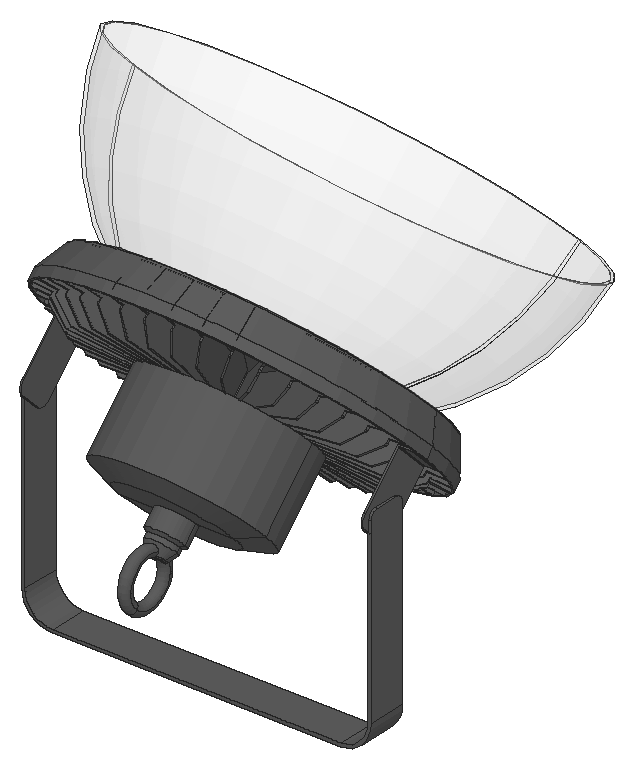
Revit family "0039346+0039355+0039361 Feilo Sylvania Lighting Fixture START HIGHBAY 4K 26KLM MEDIUM with BRACKET and PC LAMPSHADE TRANSPARENT", category Lighting Fixtures, host Face, Revit 2017
Family settings
  Host = Face
  Round Connector Dimension = Use Diameter
  Part Type = Normal
  OmniClass Number = 23.80.70.00
  OmniClass Title = Lighting
  Cut with Voids When Loaded = No
  Light Source = No
  Shared = No
  Room Calculation Point = No
Parameters (values of type "0039346+0039355+0039361 START HIGHBAY 4K 26KLM MEDIUM with BRACKET and PC LAMPSHADE TRANSPARENT ")
  Weight = "3.7 kg"
  Wattage Comments = ""
  WarrantyStartDate [instance] = "n/a"
  WarrantyGuarantorParts = "n/a"
  WarrantyDurationUnit = "n/a"
  WarrantyDurationParts = "n/a"
  WarrantyDescription = "n/a"
  Voltage = 230 V
  URL = "http://www.sylvania-lighting.com"
  TypeName = "START HIGHBAY 4K 26KLM MEDIUM with BRACKET and PC LAMPSHADE TRANSPARENT"
  TypeHead_FEILO = Start LED Highbay Head : 0039346+0039355+0039361 START HIGHBAY 4K 26KLM MEDIUM with BRACKET and PC LAMPSHADE TRANSPARENT 
  Type Image = <None>
  Type Comments = "n/a"
  TiltAngle_FEILO [instance] = 45.00°
  ThicknessBracketPlate_FEILO = 3 mm
  SizeBracketS_FEILO = no
  SizeBracketM_FEILO = no
  SerialNumber [instance] = "n/a"
  RadiusBracketTop_FEILO = 7 mm
  RadiusBendOut_FEILO = if(SizeBracketS_FEILO, 18 mm, if(SizeBracketM_FEILO, 24 mm, 28 mm))  # 28 mm
  RadiusBendIn_FEILO = RadiusBendOut_FEILO - ThicknessBracketPlate_FEILO  # 25 mm
  Material_3_FEILO = none
  PowerFactor = 0.95
  PowerConsumption = "200 W"
  NominalLength = 339 mm
  NominalHeight = 194 mm
  NominalDepth = 339 mm
  Name = "START HIGHBAY 4K 26KLM MEDIUM with BRACKET and PC LAMPSHADE TRANSPARENT"
  ModelReference = Name  # "START HIGHBAY 4K 26KLM MEDIUM with BRACKET and PC LAMPSHADE TRANSPARENT"
  ModelNumber = "0039346+0039355+0039361"
  Model = Name  # "START HIGHBAY 4K 26KLM MEDIUM with BRACKET and PC LAMPSHADE TRANSPARENT"
  Material = "aluminium alloy housing, polycarbonate diffuser"
  ManufacturerName = "Feilo Sylvania"
  Manufacturer = "Feilo Sylvania"
  LuminousEfficacy = "130 lm/W"
  LuminaireType = ""
  LightOutputRatio = "n/a"
  LampsType = Lamp  # "LED"
  LampNominalLuminous = "26000 lm"
  LampMacAdamStep = "n/a"
  LampColourTemperature = "4000 K"
  LampColourRenderingIndex = "80"
  Lamp = "LED"
  Keynote = "16500"
  InstallationDate [instance] = "n/a"
  InputVoltage = "220-240V~"
  InputNominalFrequency = "50/60 Hz"
  IngressProtection = "IP65"
  ImpactProtectionIndex = "IK08"
  IfcExportType = "IfcLightFixtureType"
  IfcExportAs = "IfcLightFixtureType"
  ExpectedLife = 50000
  EndAngle_FEILO [instance] = TiltAngle_FEILO + 180.00°  # 225.00°
  ElectricShockClassification = "Class I"
  DurationUnit = "hours"
  DocumentationLiterature = "http://www.sylvania-lighting.com/product/en-int/products/0039346"
  DimmingControlOptions = "n/a"
  Material_2_FEILO = none
  Description = "START HIGHBAY, includes 1 m cables, black aluminium housing, 26000LM, 200W, 130lm/W, 4000K, Driver current: 5000mA, CR80, 60° beam angle, 1-10V dimmable,  IP65, IK08, 50,000 hrs (L70B50), (LxWxH) 339x339x194mm"
  Default Elevation = 1219.2 mm
  CreatedOn = "2/28/2018"
  CreatedBy = ""
  Cost = 0
  built-in parameter 1114216 [instance] = (empty or 0)
  ClassificationValue = "EF_70_80"
  ClassificationName = "Uniclass2015"
  Material_1_FEILO = Body-Sylvania-StartHighbay-Black
  BracketHeight_FEILO = if(SizeBracketS_FEILO, 199.5 mm, if(SizeBracketM_FEILO, 209.6 mm, 201.3 mm))  # 201.3 mm
  BracketDistanceInner_FEILO = if(SizeBracketS_FEILO, 249.4 mm, if(SizeBracketM_FEILO, 273.6 mm, 313.2 mm))  # 313.2 mm
  BarCode [instance] = "n/a"
  AssetType = "Fixed"
  AssetIdentifier [instance] = "n/a"
  Assembly Code = "D5020200"
  Apparent Load = 200 VA
  Material_4_FEILO = none
Reference planes
  plane 1 "Center (Front/Back)": y = 0
  plane 2: z = 0
  plane 3 "Center (Left/Right)": x = 0
  plane 4: x = -159.6
  plane 5: x = 159.6
  plane 6: z = 201.3
  plane 7: x = -156.6
  plane 8: z = 3
  plane 9: x = 156.6
  plane 10: y = 17.5
  plane 11: y = -17.5
  plane 12: y = -19.5
  plane 13: z = 203.3
  plane 14: y = 19.5
  plane 15: z = 192.3
Forms (mm)
  Extrusion 1, solid, material "Body-Sylvania-StartHighbay-Black" <- "Material_1_FEILO"
    sketch origin (0, 0, 0) x (1, 0, 0) y (0, 0, 1)
      loop
        line (-159.6, 201.3) -> (-159.6, 28)
        arc (-159.6, 28) -> (-151.399, 8.201) -> (-131.6, 0) r 28
        line (-131.6, 0) -> (131.6, 0)
        arc (131.6, 0) -> (151.399, 8.201) -> (159.6, 28) r 28
        line (159.6, 28) -> (159.6, 201.3) -> (156.6, 201.3) -> (156.6, 28)
        arc (156.6, 28) -> (149.278, 10.322) -> (131.6, 3) r 25
        line (131.6, 3) -> (-131.6, 3)
        arc (-131.6, 3) -> (-149.278, 10.322) -> (-156.6, 28) r 25
        line (-156.6, 28) -> (-156.6, 201.3) -> (-159.6, 201.3)
    from -17.5 to 17.5
  Extrusion 2, void
    sketch origin (0, 0, 0) x (0, 1, 0) y (0, 0, 1)
      loop
        arc (10.5, 201.3) -> (15.45, 199.25) -> (17.5, 194.3) r 7
        line (17.5, 194.3) -> (19.5, 194.3) -> (19.5, 203.3) -> (-19.5, 203.3) -> (-19.5, 194.3) -> (-17.5, 194.3)
        arc (-17.5, 194.3) -> (-15.45, 199.25) -> (-10.5, 201.3) r 7
        line (-10.5, 201.3) -> (10.5, 201.3)
    from -159.6 to 159.6
  Revolve 3, solid, not visible
    sketch origin (1223.4, -4572, 192.3) x (0, -1, 0) y (1, 0, 0)
      loop
        line (-4572, -1223.4) -> (-4591.5, -1223.4) -> (-4591.5, -1277.783) -> (-4572, -1277.783) -> (-4572, -1223.4)
      axis (-4572, -1223.4) -> (-4572, -1277.783)
    angle from 45 <- "TiltAngle_FEILO" to 225 <- "EndAngle_FEILO"
Cuts and joins
  Extrusion 2 cuts Extrusion 1
Dimensions and locks
  "BracketHeight_FEILO": plane 6 to plane 2
  equal spacing: plane 11, plane 1 "Center (Front/Back)", plane 10
  locked: plane 11 to plane 10 at 35
  equal spacing: plane 9, plane 3 "Center (Left/Right)", plane 7
  "BracketDistanceInner_FEILO": plane 9 to plane 7
  "ThicknessBracketPlate_FEILO": plane 7 to plane 4
  "ThicknessBracketPlate_FEILO": plane 8 to plane 2
  equal spacing: plane 5, plane 3 "Center (Left/Right)", plane 4
  equal spacing: plane 12, plane 1 "Center (Front/Back)", plane 14
  locked: plane 6 to plane 13 at 2
  locked: plane 12 to plane 11 at 2
  locked: plane 6 to plane 15 at 9
  "RadiusBendOut_FEILO": radius of Extrusion 1 sketch curve  (x2)
  "RadiusBendIn_FEILO": radius of Extrusion 1 sketch curve  (x2)
  "RadiusBracketTop_FEILO": radius of Extrusion 2 sketch curve  (x2)
  aligned and locked: plane 2 to host face
  aligned and locked: level to host face
  aligned and locked: Extrusion 1 sketch curve to plane 4
  aligned and locked: Extrusion 1 sketch curve to level
  aligned and locked: plane 6 to Extrusion 1 sketch curve
  aligned and locked: Extrusion 1 sketch curve to plane 6
  aligned and locked: Extrusion 1 sketch curve to plane 7
  aligned and locked: plane 9 to Extrusion 1 sketch curve
  aligned and locked: plane 8 to Extrusion 1 sketch curve
  aligned and locked: Extrusion 1 to plane 10
  aligned and locked: plane 11 to Extrusion 1
  aligned and locked: Extrusion 1 to Extrusion 2 sketch curve
  aligned and locked: plane 14 to Extrusion 2 sketch curve  (x2)
  aligned and locked: Extrusion 2 sketch curve to plane 12
  aligned and locked: plane 13 to Extrusion 2 sketch curve
  aligned and locked: plane 5 to Extrusion 2
  aligned and locked: Extrusion 2 to plane 4
  aligned and locked: Revolve 3 sketch curve to plane 1 "Center (Front/Back)"
  aligned and locked: Revolve 3 sketch curve to Revolve 3 sketch curve
  aligned and locked: plane 3 "Center (Left/Right)" to Revolve 3 sketch curve
  aligned and locked: Revolve 3 sketch curve to plane 14
  aligned and locked: nested 1 to plane 3 "Center (Left/Right)"
Automatic sketch dimensions
  host sketch curve to host sketch curve = 2438.4 mm  (x2)
  Revolve 3 sketch curve to Revolve 3 sketch curve = 54.383 mm
  Revolve 3 sketch curve to plane 4 = 1396.3 mm
  plane 5 to Revolve 3 sketch curve = 1396.3 mm
  Extrusion 1 sketch curve to Extrusion 1 sketch curve = 0 mm
  Extrusion 2 sketch curve to plane 11 = 0 mm
  Extrusion 2 sketch curve to plane 10 = 0 mm
Nested families
  nested 1: "Start LED Highbay Head" at (0, 0, 192.3) x (-1, 0, 0) z (0, 0.7071, 0.7071), type <- "TypeHead_FEILO", type "0039346+0039355+0039361 START HIGHBAY 4K 26KLM MEDIUM with BRACKET and PC LAMPSHADE TRANSPARENT "
    with built-in parameter 1114216 (empty or 0)
Connectors
  electrical at (0, 0, 0), driven by "Apparent Load", driven by "PowerFactor", driven by "Voltage"
    settings: index 1, voltage 230 V, apparent load 200 VA, apparent load phase1 0 VA, apparent load phase2 0 VA, apparent load phase3 0 VA, power factor 0.95, load classification "Lighting", number of poles 1, system type 30, power factor state 1, is connector primary yes, connector utility no, sub classification motor no, connector description ""
Definition of nested family "Start LED Highbay Head"
  Parameters (values of type "0039351+0039354+0039358 START HIGHBAY 6K 19KLM WIDE with BRACKET and PC LAMPSHADE TRANSPARENT ")
    X_FEILO = if(SizeS_FEILO, 60.3 mm, if(SizeM_FEILO, 70.4 mm, 83.5 mm))  # 70.4 mm
    WidthStraight_FEILO = if(SizeS_FEILO, 3 mm, if(SizeM_FEILO, 4 mm, 4.7 mm))  # 4 mm
    WidthRingChamfer_FEILO = if(SizeS_FEILO, 10.3 mm, if(SizeM_FEILO, 11.2 mm, 12.9 mm))  # 11.2 mm
    WidthCurved_FEILO = if(SizeS_FEILO, 17.4 mm, if(SizeM_FEILO, 16.4 mm, 26.2 mm))  # 16.4 mm
    WidthCurvedRing_FEILO = if(SizeS_FEILO, 3 mm, if(SizeM_FEILO, 4 mm, 4.7 mm))  # 4 mm
    WidthBracket_FEILO = 40 mm
    Wattage Comments = ""
    Wattage = 150 W
    built-in parameter 1150110 = 1 (stored number, unit not read)
    URL = "http://www.feilosylvania.com"
    Type Image = (empty or 0)
    Type Comments = "n/a"
    built-in parameter 1114217 = 1 (stored number, unit not read)
    Tilt Angle = -90.00°
    ThicknessWall_FEILO = 1.5 mm
    ThicknessBracket_FEILO = 1.5 mm
    ThicknessBracketHalf_FEILO = ThicknessBracket_FEILO / 2  # 0.75 mm
    built-in parameter 1150109 = 1 (stored number, unit not read)
    built-in parameter 1150134 = 1
    built-in parameter 1150113 = 1 (stored number, unit not read)
    SizeS_FEILO = no
    SizeM_FEILO = yes
    ShadeThickness_FEILO = 3 mm
    ShadeSizeSM_FEILO = or(SizeS_FEILO, SizeM_FEILO)  # yes
    ShadeRadiusOut_FEILO = 205 mm
    ShadeRadiusIn_FEILO = if(ShadeSizeSM_FEILO, 95 mm, 121 mm)  # 95 mm
    ShadeRadiusBend_FEILO = if(ShadeSizeSM_FEILO, 210 mm, 210 mm)  # 210 mm
    ShadeOn_FEILO = yes
    ShadeHeight_FEILO = if(ShadeSizeSM_FEILO, 120 mm, 151 mm)  # 120 mm
    Rib4_FEILO = if(SizeS_FEILO, 18.1 mm, if(SizeM_FEILO, 13.6 mm, 14.6 mm))  # 13.6 mm
    Rib3_FEILO = if(SizeS_FEILO, 15.3 mm, if(SizeM_FEILO, 17.6 mm, 20.2 mm))  # 17.6 mm
    Rib2_FEILO = if(SizeS_FEILO, 3.6 mm, if(SizeM_FEILO, 3.9 mm, 4.5 mm))  # 3.9 mm
    Rib1_FEILO = if(SizeS_FEILO, 15.1 mm, if(SizeM_FEILO, 16.5 mm, 19 mm))  # 16.5 mm
    RadiusDiffuser_FEILO = if(SizeS_FEILO, 95.2 mm, if(SizeM_FEILO, 105.3 mm, 120 mm))  # 105.3 mm
    RadiusArrayPost_FEILO = DriverRadius_FEILO - 6 mm  # 61.2 mm
    RHRadius3_FEILO = if(SizeS_FEILO, 6.6 mm, if(SizeM_FEILO, 7.4 mm, 8.6 mm))  # 7.4 mm
    RHRadius2_FEILO = if(SizeS_FEILO, 11 mm, if(SizeM_FEILO, 12 mm, 14 mm))  # 12 mm
    RHRadius1_FEILO = if(SizeS_FEILO, 13.6 mm, if(SizeM_FEILO, 14.9 mm, 17.7 mm))  # 14.9 mm
    RHHeight4_FEILO = if(SizeS_FEILO, 7.3 mm, if(SizeM_FEILO, 8 mm, 9.2 mm))  # 8 mm
    RHHeight3_FEILO = if(SizeS_FEILO, 3.6 mm, if(SizeM_FEILO, 3.7 mm, 4.6 mm))  # 3.7 mm
    RHHeight2_FEILO = if(SizeS_FEILO, 2 mm, if(SizeM_FEILO, 2.2 mm, 2.6 mm))  # 2.2 mm
    RHHeight1_FEILO = if(SizeS_FEILO, 11.8 mm, if(SizeM_FEILO, 15.3 mm, 17.4 mm))  # 15.3 mm
    Photometric Web File = "0039351+0039358.ies"
    Material_5_FEILO = none
    Material_3_FEILO = none
    Model = "START HIGHBAY 6K 19KLM WIDE with BRACKET and PC LAMPSHADE TRANSPARENT"
    Manufacturer = "Feilo Sylvania"
    built-in parameter 1150105 = 10854.2 (stored number, unit not read)
    Lumens = 19500 lm
    built-in parameter 1150115 = 1 (stored number, unit not read)
    built-in parameter 1150137 = (empty or 0)
    built-in parameter 1150139 = (empty or 0)
    built-in parameter 1150112 = 1 (stored number, unit not read)
    built-in parameter 1150114 = 1 (stored number, unit not read)
    Lamp = "LED"
    Keynote = "16500"
    built-in parameter 1150132 = (empty or 0)
    built-in parameter 1150102 = (empty or 0)
    built-in parameter 1150107 = 6500 (stored number, unit not read)
    built-in parameter 1150138 = (empty or 0)
    built-in parameter 1150106 = 108.54 (stored number, unit not read)
    HeightRing_FEILO = if(SizeS_FEILO, 19.8 mm, if(SizeM_FEILO, 32 mm, 36.8 mm))  # 32 mm
    HeightRingChamfer_FEILO = if(SizeS_FEILO, 11.7 mm, if(SizeM_FEILO, 23.2 mm, 26.6 mm))  # 23.2 mm
    EyeThickness_FEILO = if(SizeS_FEILO, 8.4 mm, if(SizeM_FEILO, 9.2 mm, 10.5 mm))  # 9.2 mm
    EyeThicknessHalf_FEILO = EyeThickness_FEILO / 2  # 4.6 mm
    EyeInner_FEILO = if(SizeS_FEILO, 13.8 mm, if(SizeM_FEILO, 15.1 mm, 17.3 mm))  # 15.1 mm
    Emit from Circle Diameter = RadiusDiffuser_FEILO * 2  # 210.6 mm
    Emit Shape Visible in Rendering = no
    built-in parameter 1150104 = 12.077 (stored number, unit not read)
    DriverVerticalStraight_FEILO = if(SizeS_FEILO, 46.5 mm, if(SizeM_FEILO, 49.7 mm, 57 mm))  # 49.7 mm
    DriverVerticalChamfer_FEILO = if(SizeS_FEILO, 7.5 mm, if(SizeM_FEILO, 8.2 mm, 9.5 mm))  # 8.2 mm
    DriverRadius_FEILO = if(SizeS_FEILO, 61.4 mm, if(SizeM_FEILO, 67.2 mm, 76.4 mm))  # 67.2 mm
    DriverRadiusTop_FEILO = if(SizeS_FEILO, 42 mm, if(SizeM_FEILO, 45.3 mm, 52.4 mm))  # 45.3 mm
    DriverBottom_FEILO = if(SizeS_FEILO, 56 mm, if(SizeM_FEILO, 64.5 mm, 74 mm))  # 64.5 mm
    Material_2_FEILO = none
    Radius_FEILO = if(SizeS_FEILO, 135 mm, if(SizeM_FEILO, 148 mm, 169.5 mm))  # 148 mm
    Dimming Lamp Color Temperature Shift = (empty or 0)
    DiameterWire_FEILO = 3 mm
    DiameterWireSupport_FEILO = 10 mm
    Description = "START HIGHBAY, includes 1 m cables, black aluminium housing, 19500LM, 150W, 130lm/W, 6500K, Driver current: 2140mA, CR80, 60° beam angle, 1-10V dimmable,  IP65, IK08, 50,000 hrs (L70B50), (LxWxH) 296x296x177mm"
    Default Elevation = 1219.2 mm
    Cost = 0
    Color Filter = 16777215
    built-in parameter 1114216 [instance] = (empty or 0)
    Material_1_FEILO = none
    built-in parameter 1114218 = 1 (stored number, unit not read)
    built-in parameter 1150133 = 10 (stored number, unit not read)
    Assembly Code = "D5020200"
    Apparent Load = 150 VA
    Material_4_FEILO = none
  Types (36, lengths in mm): name | X_FEILO | WidthStraight_FEILO | WidthRingChamfer_FEILO | WidthCurved_FEILO | WidthCurvedRing_FEILO | Wattage | built-in parameter 1150134 | SizeS_FEILO | SizeM_FEILO | ShadeSizeSM_FEILO | ShadeRadiusIn_FEILO | ShadeOn_FEILO | ShadeHeight_FEILO | Rib4_FEILO | Rib3_FEILO | Rib2_FEILO | Rib1_FEILO | RadiusDiffuser_FEILO | RadiusArrayPost_FEILO | RHRadius3_FEILO | RHRadius2_FEILO | RHRadius1_FEILO | RHHeight4_FEILO | RHHeight3_FEILO | RHHeight2_FEILO | RHHeight1_FEILO | Photometric Web File | Model | built-in parameter 1150105 | Lumens | built-in parameter 1150107 | built-in parameter 1150106 | HeightRing_FEILO | HeightRingChamfer_FEILO | EyeThickness_FEILO | EyeThicknessHalf_FEILO | EyeInner_FEILO | Emit from Circle Diameter | DriverVerticalStraight_FEILO | DriverVerticalChamfer_FEILO | DriverRadius_FEILO | DriverRadiusTop_FEILO | DriverBottom_FEILO | Radius_FEILO | Description | Apparent Load
    0039352+0039355+0039361 START HIGHBAY 6K 26KLM WIDE with BRACKET and PC LAMPSHADE TRANSPARENT | 83.5 | 4.7 | 12.9 | 26.2 | 4.7 | 200 W | 1 | no | no | no | 121 | yes | 151 | 14.6 | 20.2 | 4.5 | 19 | 120 | 70.4 | 8.6 | 14 | 17.7 | 9.2 | 4.6 | 2.6 | 17.4 | "0039352+0039361.ies" | "START HIGHBAY 6K 26KLM WIDE with BRACKET and PC LAMPSHADE TRANSPARENT" | 17911 (stored number, unit not read) | 26000 lm | 6500 (stored number, unit not read) | 179.11 (stored number, unit not read) | 36.8 | 26.6 | 10.5 | 5.25 | 17.3 | 240 | 57 | 9.5 | 76.4 | 52.4 | 74 | 169.5 | "START HIGHBAY, includes 1 m cables, black aluminium housing, 26000LM, 200W, 130lm/W, 6500K, Driver current: 5000mA, CR80, 60° beam angle, 1-10V dimmable,  IP65, IK08, 50,000 hrs (L70B50), (LxWxH) 339x339x194mm" | 200 VA
    0039352+0039355+0039360 START HIGHBAY 6K 26KLM WIDE with BRACKET and ALU SHADE BLACK COLOR | 83.5 | 4.7 | 12.9 | 26.2 | 4.7 | 200 W | 1 | no | no | no | 121 | yes | 151 | 14.6 | 20.2 | 4.5 | 19 | 120 | 70.4 | 8.6 | 14 | 17.7 | 9.2 | 4.6 | 2.6 | 17.4 | "0039352+0039360.ies" | "START HIGHBAY 6K 26KLM WIDE with BRACKET and ALU SHADE BLACK COLOR" | 14870 (stored number, unit not read) | 26000 lm | 6500 (stored number, unit not read) | 148.7 (stored number, unit not read) | 36.8 | 26.6 | 10.5 | 5.25 | 17.3 | 240 | 57 | 9.5 | 76.4 | 52.4 | 74 | 169.5 | "START HIGHBAY, includes 1 m cables, black aluminium housing, 26000LM, 200W, 130lm/W, 6500K, Driver current: 5000mA, CR80, 60° beam angle, 1-10V dimmable,  IP65, IK08, 50,000 hrs (L70B50), (LxWxH) 339x339x194mm" | 200 VA
    0039352+0039355+0039359 START HIGHBAY 6K 26KLM WIDE with BRACKET and ALU SHADE ALU COLOR | 83.5 | 4.7 | 12.9 | 26.2 | 4.7 | 200 W | 1 | no | no | no | 121 | yes | 151 | 14.6 | 20.2 | 4.5 | 19 | 120 | 70.4 | 8.6 | 14 | 17.7 | 9.2 | 4.6 | 2.6 | 17.4 | "0039352+0039359.ies" | "START HIGHBAY 6K 26KLM WIDE with BRACKET and ALU SHADE ALU COLOR" | 14870 (stored number, unit not read) | 26000 lm | 6500 (stored number, unit not read) | 148.7 (stored number, unit not read) | 36.8 | 26.6 | 10.5 | 5.25 | 17.3 | 240 | 57 | 9.5 | 76.4 | 52.4 | 74 | 169.5 | "START HIGHBAY, includes 1 m cables, black aluminium housing, 26000LM, 200W, 130lm/W, 6500K, Driver current: 5000mA, CR80, 60° beam angle, 1-10V dimmable,  IP65, IK08, 50,000 hrs (L70B50), (LxWxH) 339x339x194mm" | 200 VA
    0039352+0039355 START HIGHBAY 6K 26KLM WIDE with BRACKET | 83.5 | 4.7 | 12.9 | 26.2 | 4.7 | 200 W | 1 | no | no | no | 121 | no | 151 | 14.6 | 20.2 | 4.5 | 19 | 120 | 70.4 | 8.6 | 14 | 17.7 | 9.2 | 4.6 | 2.6 | 17.4 | "0039352.ies" | "START HIGHBAY 6K 26KLM WIDE with BRACKET" | 13836.2 (stored number, unit not read) | 26000 lm | 6500 (stored number, unit not read) | 138.36 (stored number, unit not read) | 36.8 | 26.6 | 10.5 | 5.25 | 17.3 | 240 | 57 | 9.5 | 76.4 | 52.4 | 74 | 169.5 | "START HIGHBAY, includes 1 m cables, black aluminium housing, 26000LM, 200W, 130lm/W, 6500K, Driver current: 5000mA, CR80, 60° beam angle, 1-10V dimmable,  IP65, IK08, 50,000 hrs (L70B50), (LxWxH) 339x339x194mm" | 200 VA
    0039351+0039354+0039358 START HIGHBAY 6K 19KLM WIDE with BRACKET and PC LAMPSHADE TRANSPARENT | 70.4 | 4 | 11.2 | 16.4 | 4 | 150 W | 1 | no | yes | yes | 95 | yes | 120 | 13.6 | 17.6 | 3.9 | 16.5 | 105.3 | 61.2 | 7.4 | 12 | 14.9 | 8 | 3.7 | 2.2 | 15.3 | "0039351+0039358.ies" | "START HIGHBAY 6K 19KLM WIDE with BRACKET and PC LAMPSHADE TRANSPARENT" | 10854.2 (stored number, unit not read) | 19500 lm | 6500 (stored number, unit not read) | 108.54 (stored number, unit not read) | 32 | 23.2 | 9.2 | 4.6 | 15.1 | 210.6 | 49.7 | 8.2 | 67.2 | 45.3 | 64.5 | 148 | "START HIGHBAY, includes 1 m cables, black aluminium housing, 19500LM, 150W, 130lm/W, 6500K, Driver current: 2140mA, CR80, 60° beam angle, 1-10V dimmable,  IP65, IK08, 50,000 hrs (L70B50), (LxWxH) 296x296x177mm" | 150 VA
    0039351+0039354+0039357 START HIGHBAY 6K 19KLM WIDE with BRACKET and ALU SHADE BLACK COLOR | 70.4 | 4 | 11.2 | 16.4 | 4 | 150 W | 1 | no | yes | yes | 95 | yes | 120 | 13.6 | 17.6 | 3.9 | 16.5 | 105.3 | 61.2 | 7.4 | 12 | 14.9 | 8 | 3.7 | 2.2 | 15.3 | "0039351+0039357.ies" | "START HIGHBAY 6K 19KLM WIDE with BRACKET and ALU SHADE BLACK COLOR" | 11152.5 (stored number, unit not read) | 19500 lm | 6500 (stored number, unit not read) | 111.52 (stored number, unit not read) | 32 | 23.2 | 9.2 | 4.6 | 15.1 | 210.6 | 49.7 | 8.2 | 67.2 | 45.3 | 64.5 | 148 | "START HIGHBAY, includes 1 m cables, black aluminium housing, 19500LM, 150W, 130lm/W, 6500K, Driver current: 2140mA, CR80, 60° beam angle, 1-10V dimmable,  IP65, IK08, 50,000 hrs (L70B50), (LxWxH) 296x296x177mm" | 150 VA
    0039351+0039354+0039356 START HIGHBAY 6K 19KLM WIDE with BRACKET and ALU SHADE ALU COLOR | 70.4 | 4 | 11.2 | 16.4 | 4 | 150 W | 1 | no | yes | yes | 95 | yes | 120 | 13.6 | 17.6 | 3.9 | 16.5 | 105.3 | 61.2 | 7.4 | 12 | 14.9 | 8 | 3.7 | 2.2 | 15.3 | "0039351+0039356.ies" | "START HIGHBAY 6K 19KLM WIDE with BRACKET and ALU SHADE ALU COLOR" | 11152.5 (stored number, unit not read) | 19500 lm | 6500 (stored number, unit not read) | 111.52 (stored number, unit not read) | 32 | 23.2 | 9.2 | 4.6 | 15.1 | 210.6 | 49.7 | 8.2 | 67.2 | 45.3 | 64.5 | 148 | "START HIGHBAY, includes 1 m cables, black aluminium housing, 19500LM, 150W, 130lm/W, 6500K, Driver current: 2140mA, CR80, 60° beam angle, 1-10V dimmable,  IP65, IK08, 50,000 hrs (L70B50), (LxWxH) 296x296x177mm" | 150 VA
    0039351+0039354 START HIGHBAY 6K 19KLM WIDE with BRACKET | 70.4 | 4 | 11.2 | 16.4 | 4 | 150 W | 1 | no | yes | yes | 95 | no | 120 | 13.6 | 17.6 | 3.9 | 16.5 | 105.3 | 61.2 | 7.4 | 12 | 14.9 | 8 | 3.7 | 2.2 | 15.3 | "0039351.ies" | "START HIGHBAY 6K 19KLM WIDE with BRACKET" | 10377.1 (stored number, unit not read) | 19500 lm | 6500 (stored number, unit not read) | 103.77 (stored number, unit not read) | 32 | 23.2 | 9.2 | 4.6 | 15.1 | 210.6 | 49.7 | 8.2 | 67.2 | 45.3 | 64.5 | 148 | "START HIGHBAY, includes 1 m cables, black aluminium housing, 19500LM, 150W, 130lm/W, 6500K, Driver current: 2140mA, CR80, 60° beam angle, 1-10V dimmable,  IP65, IK08, 50,000 hrs (L70B50), (LxWxH) 296x296x177mm" | 150 VA
    0039350+0039353+0039358 START HIGHBAY 6K 13KLM WIDE with BRACKET and PC LAMPSHADE TRANSPARENT | 60.3 | 3 | 10.3 | 17.4 | 3 | 100 W | 1 | yes | no | yes | 95 | yes | 120 | 18.1 | 15.3 | 3.6 | 15.1 | 95.2 | 55.4 | 6.6 | 11 | 13.6 | 7.3 | 3.6 | 2 | 11.8 | "0039350+0039358.ies" | "START HIGHBAY 6K 13KLM WIDE with BRACKET and PC LAMPSHADE TRANSPARENT" | 7236.1 (stored number, unit not read) | 13000 lm | 6500 (stored number, unit not read) | 72.361 (stored number, unit not read) | 19.8 | 11.7 | 8.4 | 4.2 | 13.8 | 190.4 | 46.5 | 7.5 | 61.4 | 42 | 56 | 135 | "START HIGHBAY, includes 1 m cables, black aluminium housing, 13000LM, 100W, 130lm/W, 6500K, Driver current: 2140mA, CR80, 60° beam angle, 1-10V dimmable,  IP65, IK08, 50,000 hrs (L70B50), (LxWxH) 270x270x170mm" | 100 VA
    0039350+0039353+0039357 START HIGHBAY 6K 13KLM WIDE with BRACKET and ALU SHADE BLACK COLOR | 60.3 | 3 | 10.3 | 17.4 | 3 | 100 W | 1 | yes | no | yes | 95 | yes | 120 | 18.1 | 15.3 | 3.6 | 15.1 | 95.2 | 55.4 | 6.6 | 11 | 13.6 | 7.3 | 3.6 | 2 | 11.8 | "0039350+0039357.ies" | "START HIGHBAY 6K 13KLM WIDE with BRACKET and ALU SHADE BLACK COLOR" | 7435 (stored number, unit not read) | 13000 lm | 6500 (stored number, unit not read) | 74.35 (stored number, unit not read) | 19.8 | 11.7 | 8.4 | 4.2 | 13.8 | 190.4 | 46.5 | 7.5 | 61.4 | 42 | 56 | 135 | "START HIGHBAY, includes 1 m cables, black aluminium housing, 13000LM, 100W, 130lm/W, 6500K, Driver current: 2140mA, CR80, 60° beam angle, 1-10V dimmable,  IP65, IK08, 50,000 hrs (L70B50), (LxWxH) 270x270x170mm" | 100 VA
    0039350+0039353+0039356 START HIGHBAY 6K 13KLM WIDE with BRACKET and ALU SHADE ALU COLOR | 60.3 | 3 | 10.3 | 17.4 | 3 | 100 W | 1 | yes | no | yes | 95 | yes | 120 | 18.1 | 15.3 | 3.6 | 15.1 | 95.2 | 55.4 | 6.6 | 11 | 13.6 | 7.3 | 3.6 | 2 | 11.8 | "0039350+0039356.ies" | "START HIGHBAY 6K 13KLM WIDE with BRACKET and ALU SHADE ALU COLOR" | 7435 (stored number, unit not read) | 13000 lm | 6500 (stored number, unit not read) | 74.35 (stored number, unit not read) | 19.8 | 11.7 | 8.4 | 4.2 | 13.8 | 190.4 | 46.5 | 7.5 | 61.4 | 42 | 56 | 135 | "START HIGHBAY, includes 1 m cables, black aluminium housing, 13000LM, 100W, 130lm/W, 6500K, Driver current: 2140mA, CR80, 60° beam angle, 1-10V dimmable,  IP65, IK08, 50,000 hrs (L70B50), (LxWxH) 270x270x170mm" | 100 VA
    0039350+0039353 START HIGHBAY 6K 13KLM WIDE with BRACKET | 60.3 | 3 | 10.3 | 17.4 | 3 | 100 W | 1 | yes | no | yes | 95 | no | 120 | 18.1 | 15.3 | 3.6 | 15.1 | 95.2 | 55.4 | 6.6 | 11 | 13.6 | 7.3 | 3.6 | 2 | 11.8 | "0039350.ies" | "START HIGHBAY 6K 13KLM WIDE with BRACKET" | 6918.1 (stored number, unit not read) | 13000 lm | 6500 (stored number, unit not read) | 69.181 (stored number, unit not read) | 19.8 | 11.7 | 8.4 | 4.2 | 13.8 | 190.4 | 46.5 | 7.5 | 61.4 | 42 | 56 | 135 | "START HIGHBAY, includes 1 m cables, black aluminium housing, 13000LM, 100W, 130lm/W, 6500K, Driver current: 2140mA, CR80, 60° beam angle, 1-10V dimmable,  IP65, IK08, 50,000 hrs (L70B50), (LxWxH) 270x270x170mm" | 100 VA
    0039349+0039355+0039361 START HIGHBAY 4K 26KLM WIDE with BRACKET and PC LAMPSHADE TRANSPARENT FOR | 83.5 | 4.7 | 12.9 | 26.2 | 4.7 | 200 W | 12 | no | no | no | 121 | yes | 151 | 14.6 | 20.2 | 4.5 | 19 | 120 | 70.4 | 8.6 | 14 | 17.7 | 9.2 | 4.6 | 2.6 | 17.4 | "0039349+0039361.ies" | "START HIGHBAY 4K 26KLM WIDE with BRACKET and PC LAMPSHADE TRANSPARENT FOR" | 17911 (stored number, unit not read) | 26000 lm | 4000 (stored number, unit not read) | 179.11 (stored number, unit not read) | 36.8 | 26.6 | 10.5 | 5.25 | 17.3 | 240 | 57 | 9.5 | 76.4 | 52.4 | 74 | 169.5 | "START HIGHBAY, includes 1 m cables, black aluminium housing, 26000LM, 200W, 130lm/W, 4000K, Driver current: 5000mA, CR80, 90° beam angle, 1-10V dimmable,  IP65, IK08, 50,000 hrs (L70B50), (LxWxH) 339x339x194mm" | 200 VA
    0039349+0039355+0039360 START HIGHBAY 4K 26KLM WIDE with BRACKET and ALU SHADE BLACK COLOR | 83.5 | 4.7 | 12.9 | 26.2 | 4.7 | 200 W | 12 | no | no | no | 121 | yes | 151 | 14.6 | 20.2 | 4.5 | 19 | 120 | 70.4 | 8.6 | 14 | 17.7 | 9.2 | 4.6 | 2.6 | 17.4 | "0039349+0039360.ies" | "START HIGHBAY 4K 26KLM WIDE with BRACKET and ALU SHADE BLACK COLOR" | 14870 (stored number, unit not read) | 26000 lm | 4000 (stored number, unit not read) | 148.7 (stored number, unit not read) | 36.8 | 26.6 | 10.5 | 5.25 | 17.3 | 240 | 57 | 9.5 | 76.4 | 52.4 | 74 | 169.5 | "START HIGHBAY, includes 1 m cables, black aluminium housing, 26000LM, 200W, 130lm/W, 4000K, Driver current: 5000mA, CR80, 90° beam angle, 1-10V dimmable,  IP65, IK08, 50,000 hrs (L70B50), (LxWxH) 339x339x194mm" | 200 VA
    0039349+0039355+0039359 START HIGHBAY 4K 26KLM WIDE with BRACKET and ALU SHADE ALU COLOR | 83.5 | 4.7 | 12.9 | 26.2 | 4.7 | 200 W | 12 | no | no | no | 121 | yes | 151 | 14.6 | 20.2 | 4.5 | 19 | 120 | 70.4 | 8.6 | 14 | 17.7 | 9.2 | 4.6 | 2.6 | 17.4 | "0039349+0039359.ies" | "START HIGHBAY 4K 26KLM WIDE with BRACKET and ALU SHADE ALU COLOR" | 14870 (stored number, unit not read) | 26000 lm | 4000 (stored number, unit not read) | 148.7 (stored number, unit not read) | 36.8 | 26.6 | 10.5 | 5.25 | 17.3 | 240 | 57 | 9.5 | 76.4 | 52.4 | 74 | 169.5 | "START HIGHBAY, includes 1 m cables, black aluminium housing, 26000LM, 200W, 130lm/W, 4000K, Driver current: 5000mA, CR80, 90° beam angle, 1-10V dimmable,  IP65, IK08, 50,000 hrs (L70B50), (LxWxH) 339x339x194mm" | 200 VA
    0039349+0039355 START HIGHBAY 4K 26KLM WIDE with BRACKET | 83.5 | 4.7 | 12.9 | 26.2 | 4.7 | 200 W | 12 | no | no | no | 121 | no | 151 | 14.6 | 20.2 | 4.5 | 19 | 120 | 70.4 | 8.6 | 14 | 17.7 | 9.2 | 4.6 | 2.6 | 17.4 | "0039349.ies" | "START HIGHBAY 4K 26KLM WIDE with BRACKET" | 13836.2 (stored number, unit not read) | 26000 lm | 4000 (stored number, unit not read) | 138.36 (stored number, unit not read) | 36.8 | 26.6 | 10.5 | 5.25 | 17.3 | 240 | 57 | 9.5 | 76.4 | 52.4 | 74 | 169.5 | "START HIGHBAY, includes 1 m cables, black aluminium housing, 26000LM, 200W, 130lm/W, 4000K, Driver current: 5000mA, CR80, 90° beam angle, 1-10V dimmable,  IP65, IK08, 50,000 hrs (L70B50), (LxWxH) 339x339x194mm" | 200 VA
    0039348+0039354+0039358 START HIGHBAY 4K 19KLM WIDE with BRACKET and PC LAMPSHADE TRANSPARENT | 70.4 | 4 | 11.2 | 16.4 | 4 | 150 W | 12 | no | yes | yes | 95 | yes | 120 | 13.6 | 17.6 | 3.9 | 16.5 | 105.3 | 61.2 | 7.4 | 12 | 14.9 | 8 | 3.7 | 2.2 | 15.3 | "0039348+0039358.ies" | "START HIGHBAY 4K 19KLM WIDE with BRACKET and PC LAMPSHADE TRANSPARENT" | 10854.2 (stored number, unit not read) | 19500 lm | 4000 (stored number, unit not read) | 108.54 (stored number, unit not read) | 32 | 23.2 | 9.2 | 4.6 | 15.1 | 210.6 | 49.7 | 8.2 | 67.2 | 45.3 | 64.5 | 148 | "START HIGHBAY, includes 1 m cables, black aluminium housing, 19500LM, 150W, 130lm/W, 4000K, Driver current: 3210mA, CR80, 90° beam angle, 1-10V dimmable,  IP65, IK08, 50,000 hrs (L70B50), (LxWxH) 296x296x177mm" | 150 VA
    0039348+0039354+0039357 START HIGHBAY 4K 19KLM WIDE with BRACKET and ALU SHADE BLACK COLOR | 70.4 | 4 | 11.2 | 16.4 | 4 | 150 W | 12 | no | yes | yes | 95 | yes | 120 | 13.6 | 17.6 | 3.9 | 16.5 | 105.3 | 61.2 | 7.4 | 12 | 14.9 | 8 | 3.7 | 2.2 | 15.3 | "0039348+0039357.ies" | "START HIGHBAY 4K 19KLM WIDE with BRACKET and ALU SHADE BLACK COLOR" | 11152.5 (stored number, unit not read) | 19500 lm | 4000 (stored number, unit not read) | 111.52 (stored number, unit not read) | 32 | 23.2 | 9.2 | 4.6 | 15.1 | 210.6 | 49.7 | 8.2 | 67.2 | 45.3 | 64.5 | 148 | "START HIGHBAY, includes 1 m cables, black aluminium housing, 19500LM, 150W, 130lm/W, 4000K, Driver current: 3210mA, CR80, 90° beam angle, 1-10V dimmable,  IP65, IK08, 50,000 hrs (L70B50), (LxWxH) 296x296x177mm" | 150 VA
    0039348+0039354+0039356 START HIGHBAY 4K 19KLM WIDE with BRACKET and ALU SHADE ALU COLOR | 70.4 | 4 | 11.2 | 16.4 | 4 | 150 W | 12 | no | yes | yes | 95 | yes | 120 | 13.6 | 17.6 | 3.9 | 16.5 | 105.3 | 61.2 | 7.4 | 12 | 14.9 | 8 | 3.7 | 2.2 | 15.3 | "0039348+0039356.ies" | "START HIGHBAY 4K 19KLM WIDE with BRACKET and ALU SHADE ALU COLOR" | 11152.5 (stored number, unit not read) | 19500 lm | 4000 (stored number, unit not read) | 111.52 (stored number, unit not read) | 32 | 23.2 | 9.2 | 4.6 | 15.1 | 210.6 | 49.7 | 8.2 | 67.2 | 45.3 | 64.5 | 148 | "START HIGHBAY, includes 1 m cables, black aluminium housing, 19500LM, 150W, 130lm/W, 4000K, Driver current: 3210mA, CR80, 90° beam angle, 1-10V dimmable,  IP65, IK08, 50,000 hrs (L70B50), (LxWxH) 296x296x177mm" | 150 VA
    0039348+0039354 START HIGHBAY 4K 19KLM WIDE with BRACKET | 70.4 | 4 | 11.2 | 16.4 | 4 | 150 W | 12 | no | yes | yes | 95 | no | 120 | 13.6 | 17.6 | 3.9 | 16.5 | 105.3 | 61.2 | 7.4 | 12 | 14.9 | 8 | 3.7 | 2.2 | 15.3 | "0039348.ies" | "START HIGHBAY 4K 19KLM WIDE with BRACKET" | 10377.1 (stored number, unit not read) | 19500 lm | 4000 (stored number, unit not read) | 103.77 (stored number, unit not read) | 32 | 23.2 | 9.2 | 4.6 | 15.1 | 210.6 | 49.7 | 8.2 | 67.2 | 45.3 | 64.5 | 148 | "START HIGHBAY, includes 1 m cables, black aluminium housing, 19500LM, 150W, 130lm/W, 4000K, Driver current: 3210mA, CR80, 90° beam angle, 1-10V dimmable,  IP65, IK08, 50,000 hrs (L70B50), (LxWxH) 296x296x177mm" | 150 VA
    0039347+0039353+0039358 START HIGHBAY 4K 13KLM WIDE with BRACKET and PC LAMPSHADE TRANSPARENT | 60.3 | 3 | 10.3 | 17.4 | 3 | 100 W | 12 | yes | no | yes | 95 | yes | 120 | 18.1 | 15.3 | 3.6 | 15.1 | 95.2 | 55.4 | 6.6 | 11 | 13.6 | 7.3 | 3.6 | 2 | 11.8 | "0039347+0039358.ies" | "START HIGHBAY 4K 13KLM WIDE with BRACKET and PC LAMPSHADE TRANSPARENT" | 7236.1 (stored number, unit not read) | 13000 lm | 4000 (stored number, unit not read) | 72.361 (stored number, unit not read) | 19.8 | 11.7 | 8.4 | 4.2 | 13.8 | 190.4 | 46.5 | 7.5 | 61.4 | 42 | 56 | 135 | "START HIGHBAY, includes 1 m cables, black aluminium housing, 13000LM, 100W, 130lm/W, 4000K, Driver current: 2140mA, CR80, 90° beam angle, 1-10V dimmable,  IP65, IK08, 50,000 hrs (L70B50), (LxWxH) 270x270x170mm" | 100 VA
    0039347+0039353+0039357 START HIGHBAY 4K 13KLM WIDE with BRACKET and ALU SHADE BLACK COLOR | 60.3 | 3 | 10.3 | 17.4 | 3 | 100 W | 12 | yes | no | yes | 95 | yes | 120 | 18.1 | 15.3 | 3.6 | 15.1 | 95.2 | 55.4 | 6.6 | 11 | 13.6 | 7.3 | 3.6 | 2 | 11.8 | "0039347+0039357.ies" | "START HIGHBAY 4K 13KLM WIDE with BRACKET and ALU SHADE BLACK COLOR" | 7435 (stored number, unit not read) | 13000 lm | 4000 (stored number, unit not read) | 74.35 (stored number, unit not read) | 19.8 | 11.7 | 8.4 | 4.2 | 13.8 | 190.4 | 46.5 | 7.5 | 61.4 | 42 | 56 | 135 | "START HIGHBAY, includes 1 m cables, black aluminium housing, 13000LM, 100W, 130lm/W, 4000K, Driver current: 2140mA, CR80, 90° beam angle, 1-10V dimmable,  IP65, IK08, 50,000 hrs (L70B50), (LxWxH) 270x270x170mm" | 100 VA
    0039347+0039353+0039356 START HIGHBAY 4K 13KLM WIDE with BRACKET and ALU SHADE ALU COLOR | 60.3 | 3 | 10.3 | 17.4 | 3 | 100 W | 12 | yes | no | yes | 95 | yes | 120 | 18.1 | 15.3 | 3.6 | 15.1 | 95.2 | 55.4 | 6.6 | 11 | 13.6 | 7.3 | 3.6 | 2 | 11.8 | "0039347+0039356.ies" | "START HIGHBAY 4K 13KLM WIDE with BRACKET and ALU SHADE ALU COLOR" | 7435 (stored number, unit not read) | 13000 lm | 4000 (stored number, unit not read) | 74.35 (stored number, unit not read) | 19.8 | 11.7 | 8.4 | 4.2 | 13.8 | 190.4 | 46.5 | 7.5 | 61.4 | 42 | 56 | 135 | "START HIGHBAY, includes 1 m cables, black aluminium housing, 13000LM, 100W, 130lm/W, 4000K, Driver current: 2140mA, CR80, 90° beam angle, 1-10V dimmable,  IP65, IK08, 50,000 hrs (L70B50), (LxWxH) 270x270x170mm" | 100 VA
    0039347+0039353 START HIGHBAY 4K 13KLM WIDE with BRACKET | 60.3 | 3 | 10.3 | 17.4 | 3 | 100 W | 12 | yes | no | yes | 95 | no | 120 | 18.1 | 15.3 | 3.6 | 15.1 | 95.2 | 55.4 | 6.6 | 11 | 13.6 | 7.3 | 3.6 | 2 | 11.8 | "0039347.ies" | "START HIGHBAY 4K 13KLM WIDE with BRACKET" | 6918.1 (stored number, unit not read) | 13000 lm | 4000 (stored number, unit not read) | 69.181 (stored number, unit not read) | 19.8 | 11.7 | 8.4 | 4.2 | 13.8 | 190.4 | 46.5 | 7.5 | 61.4 | 42 | 56 | 135 | "START HIGHBAY, includes 1 m cables, black aluminium housing, 13000LM, 100W, 130lm/W, 4000K, Driver current: 2140mA, CR80, 90° beam angle, 1-10V dimmable,  IP65, IK08, 50,000 hrs (L70B50), (LxWxH) 270x270x170mm" | 100 VA
    0039346+0039355+0039361 START HIGHBAY 4K 26KLM MEDIUM with BRACKET and PC LAMPSHADE TRANSPARENT | 83.5 | 4.7 | 12.9 | 26.2 | 4.7 | 200 W | 12 | no | no | no | 121 | yes | 151 | 14.6 | 20.2 | 4.5 | 19 | 120 | 70.4 | 8.6 | 14 | 17.7 | 9.2 | 4.6 | 2.6 | 17.4 | "0039346+0039361.ies" | "START HIGHBAY 4K 26KLM MEDIUM with BRACKET and PC LAMPSHADE TRANSPARENT" | 35142.4 (stored number, unit not read) | 26000 lm | 4000 (stored number, unit not read) | 351.42 (stored number, unit not read) | 36.8 | 26.6 | 10.5 | 5.25 | 17.3 | 240 | 57 | 9.5 | 76.4 | 52.4 | 74 | 169.5 | "START HIGHBAY, includes 1 m cables, black aluminium housing, 26000LM, 200W, 130lm/W, 4000K, Driver current: 5000mA, CR80, 60° beam angle, 1-10V dimmable,  IP65, IK08, 50,000 hrs (L70B50), (LxWxH) 339x339x194mm" | 200 VA
    0039346+0039355+0039360 START HIGHBAY 4K 26KLM MEDIUM with BRACKET and ALU SHADE BLACK COLOR | 83.5 | 4.7 | 12.9 | 26.2 | 4.7 | 200 W | 12 | no | no | no | 121 | yes | 151 | 14.6 | 20.2 | 4.5 | 19 | 120 | 70.4 | 8.6 | 14 | 17.7 | 9.2 | 4.6 | 2.6 | 17.4 | "0039346+0039360.ies" | "START HIGHBAY 4K 26KLM MEDIUM with BRACKET and ALU SHADE BLACK COLOR" | 35336 (stored number, unit not read) | 26000 lm | 4000 (stored number, unit not read) | 353.36 (stored number, unit not read) | 36.8 | 26.6 | 10.5 | 5.25 | 17.3 | 240 | 57 | 9.5 | 76.4 | 52.4 | 74 | 169.5 | "START HIGHBAY, includes 1 m cables, black aluminium housing, 26000LM, 200W, 130lm/W, 4000K, Driver current: 5000mA, CR80, 60° beam angle, 1-10V dimmable,  IP65, IK08, 50,000 hrs (L70B50), (LxWxH) 339x339x194mm" | 200 VA
    0039346+0039355+0039359 START HIGHBAY 4K 26KLM MEDIUM with BRACKET and ALU SHADE ALU COLOR | 83.5 | 4.7 | 12.9 | 26.2 | 4.7 | 200 W | 12 | no | no | no | 121 | yes | 151 | 14.6 | 20.2 | 4.5 | 19 | 120 | 70.4 | 8.6 | 14 | 17.7 | 9.2 | 4.6 | 2.6 | 17.4 | "0039346+0039359.ies" | "START HIGHBAY 4K 26KLM MEDIUM with BRACKET and ALU SHADE ALU COLOR" | 35336 (stored number, unit not read) | 26000 lm | 4000 (stored number, unit not read) | 353.36 (stored number, unit not read) | 36.8 | 26.6 | 10.5 | 5.25 | 17.3 | 240 | 57 | 9.5 | 76.4 | 52.4 | 74 | 169.5 | "START HIGHBAY, includes 1 m cables, black aluminium housing, 26000LM, 200W, 130lm/W, 4000K, Driver current: 5000mA, CR80, 60° beam angle, 1-10V dimmable,  IP65, IK08, 50,000 hrs (L70B50), (LxWxH) 339x339x194mm" | 200 VA
    0039346+0039355 START HIGHBAY 4K 26KLM MEDIUM with BRACKET | 83.5 | 4.7 | 12.9 | 26.2 | 4.7 | 200 W | 12 | no | no | no | 121 | no | 151 | 14.6 | 20.2 | 4.5 | 19 | 120 | 70.4 | 8.6 | 14 | 17.7 | 9.2 | 4.6 | 2.6 | 17.4 | "0039346.ies" | "START HIGHBAY 4K 26KLM MEDIUM with BRACKET" | 32161 (stored number, unit not read) | 26000 lm | 4000 (stored number, unit not read) | 321.61 (stored number, unit not read) | 36.8 | 26.6 | 10.5 | 5.25 | 17.3 | 240 | 57 | 9.5 | 76.4 | 52.4 | 74 | 169.5 | "START HIGHBAY, includes 1 m cables, black aluminium housing, 26000LM, 200W, 130lm/W, 4000K, Driver current: 5000mA, CR80, 60° beam angle, 1-10V dimmable,  IP65, IK08, 50,000 hrs (L70B50), (LxWxH) 339x339x194mm" | 200 VA
    0039345+0039354+0039358 START HIGHBAY 4K 19KLM MEDIUM with BRACKET and PC LAMPSHADE TRANSPARENT | 70.4 | 4 | 11.2 | 16.4 | 4 | 150 W | 12 | no | yes | yes | 95 | yes | 120 | 13.6 | 17.6 | 3.9 | 16.5 | 105.3 | 61.2 | 7.4 | 12 | 14.9 | 8 | 3.7 | 2.2 | 15.3 | "0039345+0039358.ies" | "START HIGHBAY 4K 19KLM MEDIUM with BRACKET and PC LAMPSHADE TRANSPARENT" | 24535.9 (stored number, unit not read) | 19500 lm | 4000 (stored number, unit not read) | 245.36 (stored number, unit not read) | 32 | 23.2 | 9.2 | 4.6 | 15.1 | 210.6 | 49.7 | 8.2 | 67.2 | 45.3 | 64.5 | 148 | "START HIGHBAY, includes 1 m cables, black aluminium housing, 19500LM, 150W, 130lm/W, 4000K, Driver current: 3210mA, CR80, 60° beam angle, 1-10V dimmable,  IP65, IK08, 50,000 hrs (L70B50), (LxWxH) 296x296x177mm" | 150 VA
    0039345+0039354+0039357 START HIGHBAY 4K 19KLM MEDIUM with BRACKET and ALU SHADE BLACK COLOR | 70.4 | 4 | 11.2 | 16.4 | 4 | 150 W | 12 | no | yes | yes | 95 | yes | 120 | 13.6 | 17.6 | 3.9 | 16.5 | 105.3 | 61.2 | 7.4 | 12 | 14.9 | 8 | 3.7 | 2.2 | 15.3 | "0039345+0039357.ies" | "START HIGHBAY 4K 19KLM MEDIUM with BRACKET and ALU SHADE BLACK COLOR" | 26502 (stored number, unit not read) | 19500 lm | 4000 (stored number, unit not read) | 265.02 (stored number, unit not read) | 32 | 23.2 | 9.2 | 4.6 | 15.1 | 210.6 | 49.7 | 8.2 | 67.2 | 45.3 | 64.5 | 148 | "START HIGHBAY, includes 1 m cables, black aluminium housing, 19500LM, 150W, 130lm/W, 4000K, Driver current: 3210mA, CR80, 60° beam angle, 1-10V dimmable,  IP65, IK08, 50,000 hrs (L70B50), (LxWxH) 296x296x177mm" | 150 VA
    0039345+0039354+0039356 START HIGHBAY 4K 19KLM MEDIUM with BRACKET and ALU SHADE ALU COLOR | 70.4 | 4 | 11.2 | 16.4 | 4 | 150 W | 12 | no | yes | yes | 95 | yes | 120 | 13.6 | 17.6 | 3.9 | 16.5 | 105.3 | 61.2 | 7.4 | 12 | 14.9 | 8 | 3.7 | 2.2 | 15.3 | "0039345+0039356.ies" | "START HIGHBAY 4K 19KLM MEDIUM with BRACKET and ALU SHADE ALU COLOR" | 26502 (stored number, unit not read) | 19500 lm | 4000 (stored number, unit not read) | 265.02 (stored number, unit not read) | 32 | 23.2 | 9.2 | 4.6 | 15.1 | 210.6 | 49.7 | 8.2 | 67.2 | 45.3 | 64.5 | 148 | "START HIGHBAY, includes 1 m cables, black aluminium housing, 19500LM, 150W, 130lm/W, 4000K, Driver current: 3210mA, CR80, 60° beam angle, 1-10V dimmable,  IP65, IK08, 50,000 hrs (L70B50), (LxWxH) 296x296x177mm" | 150 VA
    0039345+0039354 START HIGHBAY 4K 19KLM MEDIUM with BRACKET | 70.4 | 4 | 11.2 | 16.4 | 4 | 150 W | 12 | no | yes | yes | 95 | no | 120 | 13.6 | 17.6 | 3.9 | 16.5 | 105.3 | 61.2 | 7.4 | 12 | 14.9 | 8 | 3.7 | 2.2 | 15.3 | "0039345.ies" | "START HIGHBAY 4K 19KLM MEDIUM with BRACKET" | 24120.8 (stored number, unit not read) | 19500 lm | 4000 (stored number, unit not read) | 241.21 (stored number, unit not read) | 32 | 23.2 | 9.2 | 4.6 | 15.1 | 210.6 | 49.7 | 8.2 | 67.2 | 45.3 | 64.5 | 148 | "START HIGHBAY, includes 1 m cables, black aluminium housing, 19500LM, 150W, 130lm/W, 4000K, Driver current: 3210mA, CR80, 60° beam angle, 1-10V dimmable,  IP65, IK08, 50,000 hrs (L70B50), (LxWxH) 296x296x177mm" | 150 VA
    0039344+0039353+0039358 START HIGHBAY 4K 13KLM MEDIUM with BRACKET and PC LAMPSHADE TRANSPARENT | 60.3 | 3 | 10.3 | 17.4 | 3 | 100 W | 12 | yes | no | yes | 95 | yes | 120 | 18.1 | 15.3 | 3.6 | 15.1 | 95.2 | 55.4 | 6.6 | 11 | 13.6 | 7.3 | 3.6 | 2 | 11.8 | "0039344+0039358.ies" | "START HIGHBAY 4K 13KLM MEDIUM with BRACKET and PC LAMPSHADE TRANSPARENT" | 17571.2 (stored number, unit not read) | 13000 lm | 4000 (stored number, unit not read) | 175.71 (stored number, unit not read) | 19.8 | 11.7 | 8.4 | 4.2 | 13.8 | 190.4 | 46.5 | 7.5 | 61.4 | 42 | 56 | 135 | "START HIGHBAY, includes 1 m cables, black aluminium housing, 13000LM, 100W, 130lm/W, 4000K, Driver current: 2140mA, CR80, 60° beam angle, 1-10V dimmable,  IP65, IK08, 50,000 hrs (L70B50), (LxWxH) 270x270x170mm" | 100 VA
    0039344+0039353+0039357 START HIGHBAY 4K 13KLM MEDIUM with BRACKET and ALU SHADE BLACK COLOR | 60.3 | 3 | 10.3 | 17.4 | 3 | 100 W | 12 | yes | no | yes | 95 | yes | 120 | 18.1 | 15.3 | 3.6 | 15.1 | 95.2 | 55.4 | 6.6 | 11 | 13.6 | 7.3 | 3.6 | 2 | 11.8 | "0039344+0039357.ies" | "START HIGHBAY 4K 13KLM MEDIUM with BRACKET and ALU SHADE BLACK COLOR" | 17668 (stored number, unit not read) | 13000 lm | 4000 (stored number, unit not read) | 176.68 (stored number, unit not read) | 19.8 | 11.7 | 8.4 | 4.2 | 13.8 | 190.4 | 46.5 | 7.5 | 61.4 | 42 | 56 | 135 | "START HIGHBAY, includes 1 m cables, black aluminium housing, 13000LM, 100W, 130lm/W, 4000K, Driver current: 2140mA, CR80, 60° beam angle, 1-10V dimmable,  IP65, IK08, 50,000 hrs (L70B50), (LxWxH) 270x270x170mm" | 100 VA
    0039344+0039353+0039356 START HIGHBAY 4K 13KLM MEDIUM with BRACKET and ALU SHADE ALU COLOR | 60.3 | 3 | 10.3 | 17.4 | 3 | 100 W | 12 | yes | no | yes | 95 | yes | 120 | 18.1 | 15.3 | 3.6 | 15.1 | 95.2 | 55.4 | 6.6 | 11 | 13.6 | 7.3 | 3.6 | 2 | 11.8 | "0039344+0039356.ies" | "START HIGHBAY 4K 13KLM MEDIUM with BRACKET and ALU SHADE ALU COLOR" | 17668 (stored number, unit not read) | 13000 lm | 4000 (stored number, unit not read) | 176.68 (stored number, unit not read) | 19.8 | 11.7 | 8.4 | 4.2 | 13.8 | 190.4 | 46.5 | 7.5 | 61.4 | 42 | 56 | 135 | "START HIGHBAY, includes 1 m cables, black aluminium housing, 13000LM, 100W, 130lm/W, 4000K, Driver current: 2140mA, CR80, 60° beam angle, 1-10V dimmable,  IP65, IK08, 50,000 hrs (L70B50), (LxWxH) 270x270x170mm" | 100 VA
    0039344+0039353 START HIGHBAY 4K 13KLM MEDIUM with BRACKET | 60.3 | 3 | 10.3 | 17.4 | 3 | 100 W | 12 | yes | no | yes | 95 | no | 120 | 18.1 | 15.3 | 3.6 | 15.1 | 95.2 | 55.4 | 6.6 | 11 | 13.6 | 7.3 | 3.6 | 2 | 11.8 | "0039344.ies" | "START HIGHBAY 4K 13KLM MEDIUM with BRACKET" | 16080.5 (stored number, unit not read) | 13000 lm | 4000 (stored number, unit not read) | 160.81 (stored number, unit not read) | 19.8 | 11.7 | 8.4 | 4.2 | 13.8 | 190.4 | 46.5 | 7.5 | 61.4 | 42 | 56 | 135 | "START HIGHBAY, includes 1 m cables, black aluminium housing, 13000LM, 100W, 130lm/W, 4000K, Driver current: 2140mA, CR80, 60° beam angle, 1-10V dimmable,  IP65, IK08, 50,000 hrs (L70B50), (LxWxH) 270x270x170mm" | 100 VA
  Reference planes
    plane 1 "Center (Front/Back)": y = 0
    plane 2: z = 0
    plane 3 "Center (Left/Right)": x = 0
    plane 4: z = 70.4
    plane 5: x = -148
    plane 6: x = -136.8
    plane 7: z = 47.2
    plane 8: z = 38.4
    plane 9: x = -132.8
    plane 10: z = 67.775
    plane 11: x = -116.4
    plane 12: x = -105.3
    plane 13: x = -128.8
    plane 14: z = 68.775
    plane 15: z = 66.775
    plane 16: x = -102.3
    plane 17: z = 65.775
    plane 18: x = -146.5
    plane 19: x = -131.5
    plane 20: z = 34.5
    plane 21: x = -113.9
    plane 22: z = 20.9
    plane 23: x = -20
    plane 24: z = 5.9
    plane 25: x = -67.2
    plane 26: z = -43.8
    plane 27: x = -45.3
    plane 28: z = -52
    plane 29: x = -14.9
    plane 30: z = -67.3
    plane 31: z = -69.5
    plane 32: x = -12
    plane 33: z = -73.2
    plane 34: z = -81.2
    plane 35: x = -7.4
    plane 36: z = -96.3
    plane 37: z = -111.4
    plane 38: x = 4.6
    plane 39: x = -4.6
    plane 40: z = -120.6
    plane 41: z = -116
    plane 42: x = -141.65
    plane 43: x = -145.5
    plane 44: z = 36.9
    plane 45: x = -135.3
    plane 46: z = -18.95
    plane 47: y = -20
    plane 48: y = 20
    plane 49: x = 148
    plane 50: x = 136.8
    plane 51: x = 146.5
    plane 52: x = 141.65
    plane 53: x = 145.5
    plane 54: x = 135.3
    plane 55: x = -205
    plane 56: z = 190.4
    plane 57: x = -95
    plane 58: x = -87
    plane 59: x = -202
    plane 60: z = 73.4
  Forms (mm)
    Extrusion 1, solid
      sketch origin (4.2, 0, 0) x (1, 0, 0) y (0, 1, 0)
        loop
          line (-1219.2, 1219.2) -> (-1219.2, -1219.2) -> (1219.2, -1219.2) -> (1219.2, 1219.2) -> (-1219.2, 1219.2)
      from 0 to -68.017
    Revolve 2, solid, material <- "Material_1_FEILO", detail levels medium+fine
      sketch origin (0, 0, 0) x (1, 0, 0) y (0, 0, 1)
        loop
          line (-148, 38.4) -> (-146.5, 38.4) -> (-146.5, 46.857) -> (-136.402, 67.775) -> (-128.8, 67.775) -> (-128.8, 69.259)
          arc (-128.8, 69.259) -> (-130.811, 69.79) -> (-132.8, 70.4) r 52.543
          line (-132.8, 70.4) -> (-136.341, 70.4)
          arc (-136.341, 70.4) -> (-136.831, 70.225) -> (-137.099, 69.78) r 0.774
          line (-137.099, 69.78) -> (-148, 47.2) -> (-148, 38.4)
        axis (0, 70.4) -> (0, 38.4)
      angle from 360 to 0
    Revolve 3, solid, material <- "Material_1_FEILO", detail levels medium+fine
      sketch origin (0, 0, 0) x (1, 0, 0) y (0, 0, 1)
        loop
          line (-116.4, 65.775) -> (-105.3, 65.775) -> (-105.3, 47.2) -> (0, 47.2) -> (0, 65.775) -> (-102.3, 65.775) -> (-102.3, 66.775) -> (-105.3, 66.775) -> (-105.3, 67.775) -> (-116.4, 67.775) -> (-116.4, 65.775)
        axis (0, 67.775) -> (0, 47.2)
      angle from 360 to 0
    Revolve 4, solid, material <- "Material_2_FEILO", detail levels medium+fine
      sketch origin (0, 0, 0) x (1, 0, 0) y (0, 0, 1)
        loop
          line (-105.3, 66.775) -> (0, 66.775) -> (0, 68.775) -> (-105.3, 68.775) -> (-105.3, 66.775)
        axis (0, 68.775) -> (0, 66.775)
      angle from 360 to 0
    Revolve 5, solid, material <- "Material_1_FEILO"
      sketch origin (0, 0, 0) x (1, 0, 0) y (0, 0, 1)
        loop
          line (-67.2, 20.9) -> (-67.2, -43.8) -> (-45.3, -52) -> (-14.9, -52) -> (-14.9, -67.3) -> (-12, -69.5) -> (-12, -73.2) -> (-7.837, -80.474)
          arc (-7.837, -80.474) -> (-7.29, -81.006) -> (-6.553, -81.2) r 1.5
          line (-6.553, -81.2) -> (0, -81.2) -> (0, 20.9) -> (-67.2, 20.9)
        axis (0, 20.9) -> (0, -81.2)
      angle from 360 to 0
    Revolve 6, solid, material <- "Material_1_FEILO"
      sketch origin (0, 0, 0) x (1, 0, 0) y (0, 0, 1)
        loop
          circle (0, -116) r 4.6
        axis (4.6, -96.3) -> (-4.6, -96.3)
      angle from 360 to 0
    Extrusion 7, solid, material <- "Material_1_FEILO"
      sketch origin (0, 0, 0) x (1, 0, 0) y (0, 0, 1)
        loop
          line (-145.5, 38.4) -> (-145.5, 36.9) -> (-137.55, 36.9)
          arc (-137.55, 36.9) -> (-137.02, 36.68) -> (-136.8, 36.15) r 0.75
          line (-136.8, 36.15) -> (-136.8, -18.95) -> (-135.3, -18.95) -> (-135.3, 36.9)
          arc (-135.3, 36.9) -> (-135.739, 37.961) -> (-136.8, 38.4) r 1.5
          line (-136.8, 38.4) -> (-145.5, 38.4)
        loop
          line (145.5, 38.4) -> (136.8, 38.4)
          arc (136.8, 38.4) -> (135.739, 37.961) -> (135.3, 36.9) r 1.5
          line (135.3, 36.9) -> (135.3, -18.95) -> (136.8, -18.95) -> (136.8, 36.15)
          arc (136.8, 36.15) -> (137.02, 36.68) -> (137.55, 36.9) r 0.75
          line (137.55, 36.9) -> (145.5, 36.9) -> (145.5, 38.4)
      from -20 to 20
    Extrusion 8, void
      sketch origin (0, 0, 0) x (0, 1, 0) y (0, 0, 1)
        loop
          arc (-10, -18.95) -> (-17.071, -16.021) -> (-20, -8.95) r 10
          line (-20, -8.95) -> (-25, -8.95) -> (-25, -23.95) -> (-10, -23.95) -> (-10, -18.95)
        loop
          line (10, -18.95) -> (10, -23.95) -> (25, -23.95) -> (25, -8.95) -> (20, -8.95)
          arc (20, -8.95) -> (17.071, -16.021) -> (10, -18.95) r 10
      from -136.8 to 136.8
    Revolve 9, solid, material <- "Material_1_FEILO", detail levels coarse
      sketch origin (0, 0, 0) x (1, 0, 0) y (0, 0, 1)
        loop
          line (0, 70.4) -> (-136.8, 70.4) -> (-148, 47.2) -> (-148, 38.4) -> (-131.5, 38.4) -> (-131.5, 34.5) -> (-113.9, 20.9) -> (0, 20.9) -> (0, 70.4)
        axis (0, 70.4) -> (0, 20.9)
      angle from 360 to 0
    Revolve 10, solid, material <- "Material_4_FEILO", visible <- "ShadeOn_FEILO"
      sketch origin (0, 0, 0) x (1, 0, 0) y (0, 0, 1)
        loop
          line (-95, 70.4) -> (-87, 70.4) -> (-87, 73.4) -> (-94.341, 73.4)
          arc (-94.341, 73.4) -> (-159.747, 121.18) -> (-201.81, 190.4) r 207
          line (-201.81, 190.4) -> (-205, 190.4)
          arc (-205, 190.4) -> (-162.101, 119.308) -> (-95, 70.4) r 210
        axis (0, 190.4) -> (0, 70.4)
      angle from 360 to 0
  Cuts and joins
    Extrusion 8 cuts Extrusion 7
  Lines and regions (mm)
    reference lines
      curve 1: line (-148, 0, 47.2) -> (-136.8, 0, 70.4)
      curve 2: line (-116.4, 0, 67.775) -> (0, 0, 67.775)
      curve 3: arc (-116.4, 0, 67.775) -> (-124.704, 0, 68.435) -> (-132.8, 0, 70.4) r 52.543
      curve 4: line (-136.8, 0, 70.4) -> (-132.8, 0, 70.4)
      curve 5: line (-136.402, 0, 67.775) -> (-146.5, 0, 46.857)
      curve 6: line (-131.5, 0, 34.5) -> (-113.9, 0, 20.9)
      curve 7: line (-12, 0, -73.2) -> (-7.4, 0, -81.2)
      curve 8: circle (0, 0, -116) r 4.6 normal (0, -1, 0)
      curve 9: arc (-95, 0, 70.4) -> (-162.101, 0, 119.308) -> (-205, 0, 190.4) r 210
  Dimensions and locks
    "Radius_FEILO": plane 3 "Center (Left/Right)" to plane 5
    "WidthRingChamfer_FEILO": plane 6 to plane 5
    "WidthStraight_FEILO": plane 9 to plane 6
    "WidthCurvedRing_FEILO": plane 13 to plane 9
    locked: plane 10 to plane 15 at 1
    locked: plane 14 to plane 10 at 1
    locked: plane 4 to plane 10 at 2.625
    locked: plane 15 to plane 17 at 1
    "ThicknessWall_FEILO": plane 18 to plane 5
    "ThicknessWall_FEILO": curve 5 to curve 1
    "HeightRingChamfer_FEILO": plane 4 to plane 7
    "HeightRing_FEILO": plane 4 to plane 8
    "RadiusDiffuser_FEILO": plane 3 "Center (Left/Right)" to plane 12
    locked: plane 16 to plane 12 at 3
    "WidthCurved_FEILO": plane 11 to plane 9
    "X_FEILO": plane 4 to plane 2
    "Rib1_FEILO": plane 19 to plane 5
    "Rib2_FEILO": plane 8 to plane 20
    "Rib3_FEILO": plane 21 to plane 19
    "Rib4_FEILO": plane 20 to plane 22
    locked: plane 3 "Center (Left/Right)" to plane 23 at 20
    "DriverBottom_FEILO": plane 4 to plane 24
    "DriverRadius_FEILO": plane 3 "Center (Left/Right)" to plane 25
    "DriverVerticalStraight_FEILO": plane 24 to plane 26
    "DriverRadiusTop_FEILO": plane 3 "Center (Left/Right)" to plane 27
    "DriverVerticalChamfer_FEILO": plane 26 to plane 28
    "RHRadius1_FEILO": plane 3 "Center (Left/Right)" to plane 29
    "RHHeight2_FEILO": plane 30 to plane 31
